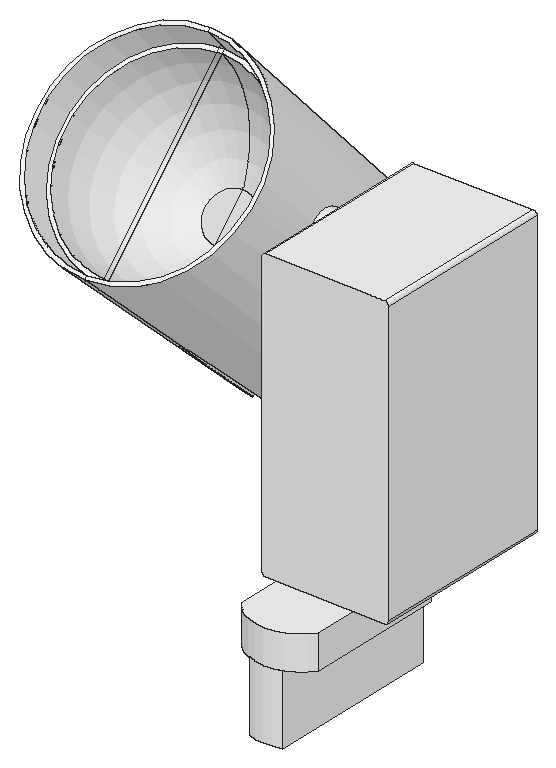
Revit family "0004933 Feilo Sylvania Lighting Fixture START TRACK SPOT S DALI 2141LM 940 MB WHT", category Lighting Fixtures, host Face, Revit 2017 (continued)
Definition of nested family "Start Track Spot Head"
  Types (96, lengths in mm): name | Wattage | built-in parameter 1150134 | Photometric Web File | Model | built-in parameter 1150105 | Lumens | built-in parameter 1150107 | built-in parameter 1150106 | HeadThickness_FEILO | HeadRibOffset_FEILO | HeadRibDepth_FEILO | HeadRibCutWidth_FEILO | HeadRibCutOffset_FEILO | HeadReflectorRadius_FEILO | HeadReflectorOffset_FEILO | HeadLEDRadius_FEILO | HeadHeight_FEILO | HeadDiffusorOffset_FEILO | HeadDiaOut_FEILO | HeadDiaIn_FEILO | HeadAxisFromTop_FEILO | Emit from Circle Diameter | built-in parameter 1150104 | Description | Apparent Load
    0004864 START TRACK SPOT S 24W 3K RA90 WB WHITE | 24 W | (empty or 0) | "0004864.ies" | "START TRACK SPOT S 24W 3K RA90 WB WHITE" | 152.79 (stored number, unit not read) | 1920 lm | 3000 (stored number, unit not read) | 1.5279 (stored number, unit not read) | 1.5 | 4.179 | 55.714 | 7.167 | 50.87 | 50.588 | 55.714 | 9.556 | 117 | 9.435 | 86 | 77.477 | 69.354 | 77.477 | 7.4322 (stored number, unit not read) | "Integrated LED spotlight, Textured White - RAL9016, compact and minimalist design, ideal for retail applications, die-cast aluminium body, passive cooling heatsink. Beam angle: 64°, color temperature: 3000K , total system power: 24W, total fixture output: 1928 lm, LOR: 100%, colour rendering: Ra: 90 typical, LED Chromaticity: 3 step MacAdam ellipse, lifetime: >50000 hours at L70B50, energy class: A++, A+, A, IR/UV free light source without heat radiation, operating voltage: 220-240V / 50-60Hz, drive current: 600mA, electronic driver, non-dimmable, power factor: 0.95, electrical protection: Class II, Global Track 3 Phase adapter suitable for Global trac 3-circuit tracks, ingress protection rating: IP20, suitable for internal environment only, horizontal rotation: 355°, vertical tilt: 90°, dimensions: Ø86x140x200, weight: 0.966kg." | 24 VA
    0004863 START TRACK SPOT S 24W 3K RA90 MB WHITE | 24 W | (empty or 0) | "0004863.ies" | "START TRACK SPOT S 24W 3K RA90 MB WHITE" | 154.7 (stored number, unit not read) | 1944 lm | 3000 (stored number, unit not read) | 1.547 (stored number, unit not read) | 1.5 | 4.179 | 55.714 | 7.167 | 50.87 | 50.588 | 55.714 | 9.556 | 117 | 9.435 | 86 | 77.477 | 69.354 | 77.477 | 7.5251 (stored number, unit not read) | "Integrated LED spotlight, Textured White - RAL9016, compact and minimalist design, ideal for retail applications, die-cast aluminium body, passive cooling heatsink. Beam angle: 36°, color temperature: 3000K , total system power: 24W, total fixture output: 1944 lm, LOR: 100%, colour rendering: Ra: 90 typical, LED Chromaticity: 3 step MacAdam ellipse, lifetime: >50000 hours at L70B50, energy class: A++, A+, A, IR/UV free light source without heat radiation, operating voltage: 220-240V / 50-60Hz, drive current: 600mA, electronic driver, non-dimmable, power factor: 0.95, electrical protection: Class II, Global Track 3 Phase adapter suitable for Global trac 3-circuit tracks, ingress protection rating: IP20, suitable for internal environment only, horizontal rotation: 355°, vertical tilt: 90°, dimensions: Ø86x140x200, weight: 0.966kg." | 24 VA
    0004862 START TRACK SPOT S 24W 3K RA90 NB WHITE | 24 W | (empty or 0) | "0004862.ies" | "START TRACK SPOT S 24W 3K RA90 NB WHITE" | 158.52 (stored number, unit not read) | 1992 lm | 3000 (stored number, unit not read) | 1.5852 (stored number, unit not read) | 1.5 | 4.179 | 55.714 | 7.167 | 50.87 | 50.588 | 55.714 | 9.556 | 117 | 9.435 | 86 | 77.477 | 69.354 | 77.477 | 7.711 (stored number, unit not read) | "Integrated LED spotlight, Textured White - RAL9016, compact and minimalist design, ideal for retail applications, die-cast aluminium body, passive cooling heatsink. Beam angle: 12°, color temperature: 3000K , total system power: 24W, total fixture output: 1987 lm, LOR: 100%, colour rendering: Ra: 90 typical, LED Chromaticity: 3 step MacAdam ellipse, lifetime: >50000 hours at L70B50, energy class: A++, A+, A, IR/UV free light source without heat radiation, operating voltage: 220-240V / 50-60Hz, drive current: 600mA, electronic driver, non-dimmable, power factor: 0.95, electrical protection: Class II, Global Track 3 Phase adapter suitable for Global trac 3-circuit tracks, ingress protection rating: IP20, suitable for internal environment only, horizontal rotation: 355°, vertical tilt: 90°, dimensions: Ø86x140x200, weight: 0.966kg." | 24 VA
    0004861 START TRACK SPOT S 14W 3K RA90 WB WHITE | 14 W | (empty or 0) | "0004861.ies" | "START TRACK SPOT S 14W 3K RA90 WB WHITE" | 100.27 (stored number, unit not read) | 1260 lm | 3000 (stored number, unit not read) | 1.0027 (stored number, unit not read) | 1.5 | 4.179 | 55.714 | 7.167 | 50.87 | 50.588 | 55.714 | 9.556 | 117 | 9.435 | 86 | 77.477 | 69.354 | 77.477 | 8.3613 (stored number, unit not read) | "Integrated LED spotlight, Textured White - RAL9016, compact and minimalist design, ideal for retail applications, die-cast aluminium body, passive cooling heatsink. Beam angle: 64°, color temperature: 3000K , total system power: 14W, total fixture output: 1262 lm, LOR: 100%, colour rendering: Ra: 90 typical, LED Chromaticity: 3 step MacAdam ellipse, lifetime: >50000 hours at L70B50, energy class: A++, A+, A, IR/UV free light source without heat radiation, operating voltage: 220-240V / 50-60Hz, drive current: 350mA, electronic driver, non-dimmable, power factor: 0.92, electrical protection: Class II, Global Track 3 Phase adapter suitable for Global trac 3-circuit tracks, ingress protection rating: IP20, suitable for internal environment only, horizontal rotation: 355°, vertical tilt: 90°, dimensions: Ø86x140x200, weight: 0.940kg." | 14 VA
    0004860 START TRACK SPOT S 14W 3K RA90 MB WHITE | 14 W | (empty or 0) | "0004860.ies" | "START TRACK SPOT S 14W 3K RA90 MB WHITE" | 100.27 (stored number, unit not read) | 1260 lm | 3000 (stored number, unit not read) | 1.0027 (stored number, unit not read) | 1.5 | 4.179 | 55.714 | 7.167 | 50.87 | 50.588 | 55.714 | 9.556 | 117 | 9.435 | 86 | 77.477 | 69.354 | 77.477 | 8.3613 (stored number, unit not read) | "Integrated LED spotlight, Textured White - RAL9016, compact and minimalist design, ideal for retail applications, die-cast aluminium body, passive cooling heatsink. Beam angle: 36°, color temperature: 3000K , total system power: 14W, total fixture output: 1262 lm, LOR: 100%, colour rendering: Ra: 90 typical, LED Chromaticity: 3 step MacAdam ellipse, lifetime: >50000 hours at L70B50, energy class: A++, A+, A, IR/UV free light source without heat radiation, operating voltage: 220-240V / 50-60Hz, drive current: 350mA, electronic driver, non-dimmable, power factor: 0.92, electrical protection: Class II, Global Track 3 Phase adapter suitable for Global trac 3-circuit tracks, ingress protection rating: IP20, suitable for internal environment only, horizontal rotation: 355°, vertical tilt: 90°, dimensions: Ø86x140x200, weight: 0.940kg." | 14 VA
    0004859 START TRACK SPOT S 14W 3K RA90 NB WHITE | 14 W | (empty or 0) | "0004859.ies" | "START TRACK SPOT S 14W 3K RA90 NB WHITE" | 102.5 (stored number, unit not read) | 1288 lm | 3000 (stored number, unit not read) | 1.025 (stored number, unit not read) | 1.5 | 4.179 | 55.714 | 7.167 | 50.87 | 50.588 | 55.714 | 9.556 | 117 | 9.435 | 86 | 77.477 | 69.354 | 77.477 | 8.5471 (stored number, unit not read) | "Integrated LED spotlight, Textured White - RAL9016, compact and minimalist design, ideal for retail applications, die-cast aluminium body, passive cooling heatsink. Beam angle: 12°, color temperature: 3000K , total system power: 14W, total fixture output: 1284 lm, LOR: 100%, colour rendering: Ra: 90 typical, LED Chromaticity: 3 step MacAdam ellipse, lifetime: >50000 hours at L70B50, energy class: A++, A+, A, IR/UV free light source without heat radiation, operating voltage: 220-240V / 50-60Hz, drive current: 350mA, electronic driver, non-dimmable, power factor: 0.92, electrical protection: Class II, Global Track 3 Phase adapter suitable for Global trac 3-circuit tracks, ingress protection rating: IP20, suitable for internal environment only, horizontal rotation: 355°, vertical tilt: 90°, dimensions: Ø86x140x200, weight: 0.940kg." | 14 VA
    0004858 START TRACK SPOT L 55W 4K RA80 WB BLACK | 55 W | 12 | "0004858.ies" | "START TRACK SPOT L 55W 4K RA80 WB BLACK" | 424.55 (stored number, unit not read) | 5335 lm | 4000 (stored number, unit not read) | 4.2455 (stored number, unit not read) | 2 | 4.429 | 59.048 | 9.417 | 53.913 | 66.471 | 59.048 | 12.556 | 124 | 10 | 113 | 101.802 | 73.503 | 101.802 | 9.0116 (stored number, unit not read) | "Integrated LED spotlight, Textured Black - RAL9005, compact and minimalist design, ideal for retail applications, die-cast aluminium body, passive cooling heatsink. Beam angle: 52°, color temperature: 4000K , total system power: 55W, total fixture output: 5320 lm, LOR: 100%, colour rendering: Ra: 80 typical, LED Chromaticity: 3 step MacAdam ellipse, lifetime: >50000 hours at L70B50, energy class: A++, A+, A, IR/UV free light source without heat radiation, operating voltage: 220-240V / 50-60Hz, drive current: 1400mA, electronic driver, non-dimmable, power factor: 0.96, electrical protection: Class II, Global Track 3 Phase adapter suitable for Global trac 3-circuit tracks, ingress protection rating: IP20, suitable for internal environment only, horizontal rotation: 355°, vertical tilt: 90°, dimensions: Ø113x164x240, weight: 1.398kg." | 55 VA
    0004857 START TRACK SPOT L 55W 4K RA80 MB BLACK | 55 W | 12 | "0004857.ies" | "START TRACK SPOT L 55W 4K RA80 MB BLACK" | 428.92 (stored number, unit not read) | 5390 lm | 4000 (stored number, unit not read) | 4.2892 (stored number, unit not read) | 2 | 4.429 | 59.048 | 9.417 | 53.913 | 66.471 | 59.048 | 12.556 | 124 | 10 | 113 | 101.802 | 73.503 | 101.802 | 9.1045 (stored number, unit not read) | "Integrated LED spotlight, Textured Black - RAL9005, compact and minimalist design, ideal for retail applications, die-cast aluminium body, passive cooling heatsink. Beam angle: 38°, color temperature: 4000K , total system power: 55W, total fixture output: 5378 lm, LOR: 100%, colour rendering: Ra: 80 typical, LED Chromaticity: 3 step MacAdam ellipse, lifetime: >50000 hours at L70B50, energy class: A++, A+, A, IR/UV free light source without heat radiation, operating voltage: 220-240V / 50-60Hz, drive current: 1400mA, electronic driver, non-dimmable, power factor: 0.96, electrical protection: Class II, Global Track 3 Phase adapter suitable for Global trac 3-circuit tracks, ingress protection rating: IP20, suitable for internal environment only, horizontal rotation: 355°, vertical tilt: 90°, dimensions: Ø113x164x240, weight: 1.398kg." | 55 VA
    0004856 START TRACK SPOT L 55W 4K RA80 NB BLACK | 55 W | 12 | "0004856.ies" | "START TRACK SPOT L 55W 4K RA80 NB BLACK" | 433.3 (stored number, unit not read) | 5445 lm | 4000 (stored number, unit not read) | 4.333 (stored number, unit not read) | 2 | 4.429 | 59.048 | 9.417 | 53.913 | 66.471 | 59.048 | 12.556 | 124 | 10 | 113 | 101.802 | 73.503 | 101.802 | 9.1974 (stored number, unit not read) | "Integrated LED spotlight, Textured Black - RAL9005, compact and minimalist design, ideal for retail applications, die-cast aluminium body, passive cooling heatsink. Beam angle: 15°, color temperature: 4000K , total system power: 55W, total fixture output: 5426 lm, LOR: 100%, colour rendering: Ra: 80 typical, LED Chromaticity: 3 step MacAdam ellipse, lifetime: >50000 hours at L70B50, energy class: A++, A+, A, IR/UV free light source without heat radiation, operating voltage: 220-240V / 50-60Hz, drive current: 1400mA, electronic driver, non-dimmable, power factor: 0.96, electrical protection: Class II, Global Track 3 Phase adapter suitable for Global trac 3-circuit tracks, ingress protection rating: IP20, suitable for internal environment only, horizontal rotation: 355°, vertical tilt: 90°, dimensions: Ø113x164x240, weight: 1.398kg." | 55 VA
    0004855 START TRACK SPOT L 35W 4K RA80 WB BLACK | 35 W | 12 | "0004855.ies" | "START TRACK SPOT L 35W 4K RA80 WB BLACK" | 320.3 (stored number, unit not read) | 4025 lm | 4000 (stored number, unit not read) | 3.203 (stored number, unit not read) | 2 | 4.429 | 59.048 | 9.417 | 53.913 | 66.471 | 59.048 | 12.556 | 124 | 10 | 113 | 101.802 | 73.503 | 101.802 | 10.684 (stored number, unit not read) | "Integrated LED spotlight, Textured Black - RAL9005, compact and minimalist design, ideal for retail applications, die-cast aluminium body, passive cooling heatsink. Beam angle: 52°, color temperature: 4000K , total system power: 35W, total fixture output: 4010 lm, LOR: 100%, colour rendering: Ra: 80 typical, LED Chromaticity: 3 step MacAdam ellipse, lifetime: >50000 hours at L70B50, energy class: A++, A+, A, IR/UV free light source without heat radiation, operating voltage: 220-240V / 50-60Hz, drive current: 900mA, electronic driver, non-dimmable, power factor: 0.93, electrical protection: Class II, Global Track 3 Phase adapter suitable for Global trac 3-circuit tracks, ingress protection rating: IP20, suitable for internal environment only, horizontal rotation: 355°, vertical tilt: 90°, dimensions: Ø113x164x240, weight: 1.368kg." | 35 VA
    0004854 START TRACK SPOT L 35W 4K RA80 MB BLACK | 35 W | 12 | "0004854.ies" | "START TRACK SPOT L 35W 4K RA80 MB BLACK" | 320.3 (stored number, unit not read) | 4025 lm | 4000 (stored number, unit not read) | 3.203 (stored number, unit not read) | 2 | 4.429 | 59.048 | 9.417 | 53.913 | 66.471 | 59.048 | 12.556 | 124 | 10 | 113 | 101.802 | 73.503 | 101.802 | 10.684 (stored number, unit not read) | "Integrated LED spotlight, Textured Black - RAL9005, compact and minimalist design, ideal for retail applications, die-cast aluminium body, passive cooling heatsink. Beam angle: 38°, color temperature: 4000K , total system power: 35W, total fixture output: 4017 lm, LOR: 100%, colour rendering: Ra: 80 typical, LED Chromaticity: 3 step MacAdam ellipse, lifetime: >50000 hours at L70B50, energy class: A++, A+, A, IR/UV free light source without heat radiation, operating voltage: 220-240V / 50-60Hz, drive current: 900mA, electronic driver, non-dimmable, power factor: 0.93, electrical protection: Class II, Global Track 3 Phase adapter suitable for Global trac 3-circuit tracks, ingress protection rating: IP20, suitable for internal environment only, horizontal rotation: 355°, vertical tilt: 90°, dimensions: Ø113x164x240, weight: 1.368kg." | 35 VA
    0004853 START TRACK SPOT L 35W 4K RA80 NB BLACK | 35 W | 12 | "0004853.ies" | "START TRACK SPOT L 35W 4K RA80 NB BLACK" | 331.44 (stored number, unit not read) | 4165 lm | 4000 (stored number, unit not read) | 3.3144 (stored number, unit not read) | 2 | 4.429 | 59.048 | 9.417 | 53.913 | 66.471 | 59.048 | 12.556 | 124 | 10 | 113 | 101.802 | 73.503 | 101.802 | 11.055 (stored number, unit not read) | "Integrated LED spotlight, Textured Black - RAL9005, compact and minimalist design, ideal for retail applications, die-cast aluminium body, passive cooling heatsink. Beam angle: 15°, color temperature: 4000K , total system power: 35W, total fixture output: 4174 lm, LOR: 100%, colour rendering: Ra: 80 typical, LED Chromaticity: 3 step MacAdam ellipse, lifetime: >50000 hours at L70B50, energy class: A++, A+, A, IR/UV free light source without heat radiation, operating voltage: 220-240V / 50-60Hz, drive current: 900mA, electronic driver, non-dimmable, power factor: 0.93, electrical protection: Class II, Global Track 3 Phase adapter suitable for Global trac 3-circuit tracks, ingress protection rating: IP20, suitable for internal environment only, horizontal rotation: 355°, vertical tilt: 90°, dimensions: Ø113x164x240, weight: 1.368kg." | 35 VA
    0004852 START TRACK SPOT S 24W 4K RA80 WB BLACK | 24 W | 12 | "0004852.ies" | "START TRACK SPOT S 24W 4K RA80 WB BLACK" | 196.72 (stored number, unit not read) | 2472 lm | 4000 (stored number, unit not read) | 1.9672 (stored number, unit not read) | 1.5 | 4.179 | 55.714 | 7.167 | 50.87 | 50.588 | 55.714 | 9.556 | 117 | 9.435 | 86 | 77.477 | 69.354 | 77.477 | 9.569 (stored number, unit not read) | "Integrated LED spotlight, Textured Black - RAL9005, compact and minimalist design, ideal for retail applications, die-cast aluminium body, passive cooling heatsink. Beam angle: 64°, color temperature: 4000K , total system power: 24W, total fixture output: 2476 lm, LOR: 100%, colour rendering: Ra: 80 typical, LED Chromaticity: 3 step MacAdam ellipse, lifetime: >50000 hours at L70B50, energy class: A++, A+, A, IR/UV free light source without heat radiation, operating voltage: 220-240V / 50-60Hz, drive current: 600mA, electronic driver, non-dimmable, power factor: 0.95, electrical protection: Class II, Global Track 3 Phase adapter suitable for Global trac 3-circuit tracks, ingress protection rating: IP20, suitable for internal environment only, horizontal rotation: 355°, vertical tilt: 90°, dimensions: Ø86x140x200, weight: 0.966kg." | 24 VA
    0004851 START TRACK SPOT S 24W 4K RA80 MB BLACK | 24 W | 12 | "0004851.ies" | "START TRACK SPOT S 24W 4K RA80 MB BLACK" | 198.63 (stored number, unit not read) | 2496 lm | 4000 (stored number, unit not read) | 1.9863 (stored number, unit not read) | 1.5 | 4.179 | 55.714 | 7.167 | 50.87 | 50.588 | 55.714 | 9.556 | 117 | 9.435 | 86 | 77.477 | 69.354 | 77.477 | 9.6619 (stored number, unit not read) | "Integrated LED spotlight, Textured Black - RAL9005, compact and minimalist design, ideal for retail applications, die-cast aluminium body, passive cooling heatsink. Beam angle: 36°, color temperature: 4000K , total system power: 24W, total fixture output: 2487 lm, LOR: 100%, colour rendering: Ra: 80 typical, LED Chromaticity: 3 step MacAdam ellipse, lifetime: >50000 hours at L70B50, energy class: A++, A+, A, IR/UV free light source without heat radiation, operating voltage: 220-240V / 50-60Hz, drive current: 600mA, electronic driver, non-dimmable, power factor: 0.95, electrical protection: Class II, Global Track 3 Phase adapter suitable for Global trac 3-circuit tracks, ingress protection rating: IP20, suitable for internal environment only, horizontal rotation: 355°, vertical tilt: 90°, dimensions: Ø86x140x200, weight: 0.966kg." | 24 VA
    0004850 START TRACK SPOT S 24W 4K RA80 NB BLACK | 24 W | 12 | "0004850.ies" | "START TRACK SPOT S 24W 4K RA80 NB BLACK" | 200.54 (stored number, unit not read) | 2520 lm | 4000 (stored number, unit not read) | 2.0054 (stored number, unit not read) | 1.5 | 4.179 | 55.714 | 7.167 | 50.87 | 50.588 | 55.714 | 9.556 | 117 | 9.435 | 86 | 77.477 | 69.354 | 77.477 | 9.7548 (stored number, unit not read) | "Integrated LED spotlight, Textured Black - RAL9005, compact and minimalist design, ideal for retail applications, die-cast aluminium body, passive cooling heatsink. Beam angle: 12°, color temperature: 4000K , total system power: 24W, total fixture output: 2529 lm, LOR: 100%, colour rendering: Ra: 80 typical, LED Chromaticity: 3 step MacAdam ellipse, lifetime: >50000 hours at L70B50, energy class: A++, A+, A, IR/UV free light source without heat radiation, operating voltage: 220-240V / 50-60Hz, drive current: 600mA, electronic driver, non-dimmable, power factor: 0.95, electrical protection: Class II, Global Track 3 Phase adapter suitable for Global trac 3-circuit tracks, ingress protection rating: IP20, suitable for internal environment only, horizontal rotation: 355°, vertical tilt: 90°, dimensions: Ø86x140x200, weight: 0.966kg." | 24 VA
    0004849 START TRACK SPOT S 14W 4K RA80 WB BLACK | 14 W | 12 | "0004849.ies" | "START TRACK SPOT S 14W 4K RA80 WB BLACK" | 123.66 (stored number, unit not read) | 1554 lm | 4000 (stored number, unit not read) | 1.2366 (stored number, unit not read) | 1.5 | 4.179 | 55.714 | 7.167 | 50.87 | 50.588 | 55.714 | 9.556 | 117 | 9.435 | 86 | 77.477 | 69.354 | 77.477 | 10.312 (stored number, unit not read) | "Integrated LED spotlight, Textured Black - RAL9005, compact and minimalist design, ideal for retail applications, die-cast aluminium body, passive cooling heatsink. Beam angle: 64°, color temperature: 4000K , total system power: 14W, total fixture output: 1558 lm, LOR: 100%, colour rendering: Ra: 80 typical, LED Chromaticity: 3 step MacAdam ellipse, lifetime: >50000 hours at L70B50, energy class: A++, A+, A, IR/UV free light source without heat radiation, operating voltage: 220-240V / 50-60Hz, drive current: 350mA, electronic driver, non-dimmable, power factor: 0.92, electrical protection: Class II, Global Track 3 Phase adapter suitable for Global trac 3-circuit tracks, ingress protection rating: IP20, suitable for internal environment only, horizontal rotation: 355°, vertical tilt: 90°, dimensions: Ø86x140x200, weight: 0.940kg." | 14 VA
    0004848 START TRACK SPOT S 14W 4K RA80 MB BLACK | 14 W | 12 | "0004848.ies" | "START TRACK SPOT S 14W 4K RA80 MB BLACK" | 127.01 (stored number, unit not read) | 1596 lm | 4000 (stored number, unit not read) | 1.2701 (stored number, unit not read) | 1.5 | 4.179 | 55.714 | 7.167 | 50.87 | 50.588 | 55.714 | 9.556 | 117 | 9.435 | 86 | 77.477 | 69.354 | 77.477 | 10.591 (stored number, unit not read) | "Integrated LED spotlight, Textured Black - RAL9005, compact and minimalist design, ideal for retail applications, die-cast aluminium body, passive cooling heatsink. Beam angle: 36°, color temperature: 4000K , total system power: 14W, total fixture output: 1598 lm, LOR: 100%, colour rendering: Ra: 80 typical, LED Chromaticity: 3 step MacAdam ellipse, lifetime: >50000 hours at L70B50, energy class: A++, A+, A, IR/UV free light source without heat radiation, operating voltage: 220-240V / 50-60Hz, drive current: 350mA, electronic driver, non-dimmable, power factor: 0.92, electrical protection: Class II, Global Track 3 Phase adapter suitable for Global trac 3-circuit tracks, ingress protection rating: IP20, suitable for internal environment only, horizontal rotation: 355°, vertical tilt: 90°, dimensions: Ø86x140x200, weight: 0.940kg." | 14 VA
    0004847 START TRACK SPOT S 14W 4K RA80 NB BLACK | 14 W | 12 | "0004847.ies" | "START TRACK SPOT S 14W 4K RA80 NB BLACK" | 128.12 (stored number, unit not read) | 1610 lm | 4000 (stored number, unit not read) | 1.2812 (stored number, unit not read) | 1.5 | 4.179 | 55.714 | 7.167 | 50.87 | 50.588 | 55.714 | 9.556 | 117 | 9.435 | 86 | 77.477 | 69.354 | 77.477 | 10.684 (stored number, unit not read) | "Integrated LED spotlight, Textured Black - RAL9005, compact and minimalist design, ideal for retail applications, die-cast aluminium body, passive cooling heatsink. Beam angle: 12°, color temperature: 4000K , total system power: 14W, total fixture output: 1608 lm, LOR: 100%, colour rendering: Ra: 80 typical, LED Chromaticity: 3 step MacAdam ellipse, lifetime: >50000 hours at L70B50, energy class: A++, A+, A, IR/UV free light source without heat radiation, operating voltage: 220-240V / 50-60Hz, drive current: 350mA, electronic driver, non-dimmable, power factor: 0.92, electrical protection: Class II, Global Track 3 Phase adapter suitable for Global trac 3-circuit tracks, ingress protection rating: IP20, suitable for internal environment only, horizontal rotation: 355°, vertical tilt: 90°, dimensions: Ø86x140x200, weight: 0.940kg." | 14 VA
    0004846 START TRACK SPOT L 55W 3K RA80 WB BLACK | 55 W | (empty or 0) | "0004846.ies" | "START TRACK SPOT L 55W 3K RA80 WB BLACK" | 420.17 (stored number, unit not read) | 5280 lm | 3000 (stored number, unit not read) | 4.2017 (stored number, unit not read) | 2 | 4.429 | 59.048 | 9.417 | 53.913 | 66.471 | 59.048 | 12.556 | 124 | 10 | 113 | 101.802 | 73.503 | 101.802 | 8.9187 (stored number, unit not read) | "Integrated LED spotlight, Textured Black - RAL9005, compact and minimalist design, ideal for retail applications, die-cast aluminium body, passive cooling heatsink. Beam angle: 52°, color temperature: 3000K , total system power: 55W, total fixture output: 5298 lm, LOR: 100%, colour rendering: Ra: 80 typical, LED Chromaticity: 3 step MacAdam ellipse, lifetime: >50000 hours at L70B50, energy class: A++, A+, A, IR/UV free light source without heat radiation, operating voltage: 220-240V / 50-60Hz, drive current: 1400mA, electronic driver, non-dimmable, power factor: 0.96, electrical protection: Class II, Global Track 3 Phase adapter suitable for Global trac 3-circuit tracks, ingress protection rating: IP20, suitable for internal environment only, horizontal rotation: 355°, vertical tilt: 90°, dimensions: Ø113x164x240, weight: 1.398kg." | 55 VA
    0004845 START TRACK SPOT L 55W 3K RA80 MB BLACK | 55 W | (empty or 0) | "0004845.ies" | "START TRACK SPOT L 55W 3K RA80 MB BLACK" | 428.92 (stored number, unit not read) | 5390 lm | 3000 (stored number, unit not read) | 4.2892 (stored number, unit not read) | 2 | 4.429 | 59.048 | 9.417 | 53.913 | 66.471 | 59.048 | 12.556 | 124 | 10 | 113 | 101.802 | 73.503 | 101.802 | 9.1045 (stored number, unit not read) | "Integrated LED spotlight, Textured Black - RAL9005, compact and minimalist design, ideal for retail applications, die-cast aluminium body, passive cooling heatsink. Beam angle: 38°, color temperature: 3000K , total system power: 55W, total fixture output: 5381 lm, LOR: 100%, colour rendering: Ra: 80 typical, LED Chromaticity: 3 step MacAdam ellipse, lifetime: >50000 hours at L70B50, energy class: A++, A+, A, IR/UV free light source without heat radiation, operating voltage: 220-240V / 50-60Hz, drive current: 1400mA, electronic driver, non-dimmable, power factor: 0.96, electrical protection: Class II, Global Track 3 Phase adapter suitable for Global trac 3-circuit tracks, ingress protection rating: IP20, suitable for internal environment only, horizontal rotation: 355°, vertical tilt: 90°, dimensions: Ø113x164x240, weight: 1.398kg." | 55 VA
    0004844 START TRACK SPOT L 55W 3K RA80 NB BLACK | 55 W | (empty or 0) | "0004844.ies" | "START TRACK SPOT L 55W 3K RA80 NB BLACK" | 433.3 (stored number, unit not read) | 5445 lm | 3000 (stored number, unit not read) | 4.333 (stored number, unit not read) | 2 | 4.429 | 59.048 | 9.417 | 53.913 | 66.471 | 59.048 | 12.556 | 124 | 10 | 113 | 101.802 | 73.503 | 101.802 | 9.1974 (stored number, unit not read) | "Integrated LED spotlight, Textured Black - RAL9005, compact and minimalist design, ideal for retail applications, die-cast aluminium body, passive cooling heatsink. Beam angle: 15°, color temperature: 3000K , total system power: 55W, total fixture output: 5449 lm, LOR: 100%, colour rendering: Ra: 80 typical, LED Chromaticity: 3 step MacAdam ellipse, lifetime: >50000 hours at L70B50, energy class: A++, A+, A, IR/UV free light source without heat radiation, operating voltage: 220-240V / 50-60Hz, drive current: 1400mA, electronic driver, non-dimmable, power factor: 0.96, electrical protection: Class II, Global Track 3 Phase adapter suitable for Global trac 3-circuit tracks, ingress protection rating: IP20, suitable for internal environment only, horizontal rotation: 355°, vertical tilt: 90°, dimensions: Ø113x164x240, weight: 1.398kg." | 55 VA
    0004843 START TRACK SPOT L 35W 3K RA80 WB BLACK | 35 W | (empty or 0) | "0004843.ies" | "START TRACK SPOT L 35W 3K RA80 WB BLACK" | 314.73 (stored number, unit not read) | 3955 lm | 3000 (stored number, unit not read) | 3.1473 (stored number, unit not read) | 2 | 4.429 | 59.048 | 9.417 | 53.913 | 66.471 | 59.048 | 12.556 | 124 | 10 | 113 | 101.802 | 73.503 | 101.802 | 10.498 (stored number, unit not read) | "Integrated LED spotlight, Textured Black - RAL9005, compact and minimalist design, ideal for retail applications, die-cast aluminium body, passive cooling heatsink. Beam angle: 52°, color temperature: 3000K , total system power: 35W, total fixture output: 3943 lm, LOR: 100%, colour rendering: Ra: 80 typical, LED Chromaticity: 3 step MacAdam ellipse, lifetime: >50000 hours at L70B50, energy class: A++, A+, A, IR/UV free light source without heat radiation, operating voltage: 220-240V / 50-60Hz, drive current: 900mA, electronic driver, non-dimmable, power factor: 0.93, electrical protection: Class II, Global Track 3 Phase adapter suitable for Global trac 3-circuit tracks, ingress protection rating: IP20, suitable for internal environment only, horizontal rotation: 355°, vertical tilt: 90°, dimensions: Ø113x164x240, weight: 1.368kg." | 35 VA
    0004842 START TRACK SPOT L 35W 3K RA80 MB BLACK | 35 W | (empty or 0) | "0004842.ies" | "START TRACK SPOT L 35W 3K RA80 MB BLACK" | 320.3 (stored number, unit not read) | 4025 lm | 3000 (stored number, unit not read) | 3.203 (stored number, unit not read) | 2 | 4.429 | 59.048 | 9.417 | 53.913 | 66.471 | 59.048 | 12.556 | 124 | 10 | 113 | 101.802 | 73.503 | 101.802 | 10.684 (stored number, unit not read) | "Integrated LED spotlight, Textured Black - RAL9005, compact and minimalist design, ideal for retail applications, die-cast aluminium body, passive cooling heatsink. Beam angle: 38°, color temperature: 3000K , total system power: 35W, total fixture output: 4008 lm, LOR: 100%, colour rendering: Ra: 80 typical, LED Chromaticity: 3 step MacAdam ellipse, lifetime: >50000 hours at L70B50, energy class: A++, A+, A, IR/UV free light source without heat radiation, operating voltage: 220-240V / 50-60Hz, drive current: 900mA, electronic driver, non-dimmable, power factor: 0.93, electrical protection: Class II, Global Track 3 Phase adapter suitable for Global trac 3-circuit tracks, ingress protection rating: IP20, suitable for internal environment only, horizontal rotation: 355°, vertical tilt: 90°, dimensions: Ø113x164x240, weight: 1.368kg." | 35 VA
    0004841 START TRACK SPOT L 35W 3K RA80 NB BLACK | 35 W | (empty or 0) | "0004841.ies" | "START TRACK SPOT L 35W 3K RA80 NB BLACK" | 317.51 (stored number, unit not read) | 3990 lm | 3000 (stored number, unit not read) | 3.1751 (stored number, unit not read) | 2 | 4.429 | 59.048 | 9.417 | 53.913 | 66.471 | 59.048 | 12.556 | 124 | 10 | 113 | 101.802 | 73.503 | 101.802 | 10.591 (stored number, unit not read) | "Integrated LED spotlight, Textured Black - RAL9005, compact and minimalist design, ideal for retail applications, die-cast aluminium body, passive cooling heatsink. Beam angle: 15°, color temperature: 3000K , total system power: 35W, total fixture output: 4005 lm, LOR: 100%, colour rendering: Ra: 80 typical, LED Chromaticity: 3 step MacAdam ellipse, lifetime: >50000 hours at L70B50, energy class: A++, A+, A, IR/UV free light source without heat radiation, operating voltage: 220-240V / 50-60Hz, drive current: 900mA, electronic driver, non-dimmable, power factor: 0.93, electrical protection: Class II, Global Track 3 Phase adapter suitable for Global trac 3-circuit tracks, ingress protection rating: IP20, suitable for internal environment only, horizontal rotation: 355°, vertical tilt: 90°, dimensions: Ø113x164x240, weight: 1.368kg." | 35 VA
    0004840 START TRACK SPOT S 24W 3K RA80 WB BLACK | 24 W | (empty or 0) | "0004840.ies" | "START TRACK SPOT S 24W 3K RA80 WB BLACK" | 185.26 (stored number, unit not read) | 2328 lm | 3000 (stored number, unit not read) | 1.8526 (stored number, unit not read) | 1.5 | 4.179 | 55.714 | 7.167 | 50.87 | 50.588 | 55.714 | 9.556 | 117 | 9.435 | 86 | 77.477 | 69.354 | 77.477 | 9.0116 (stored number, unit not read) | "Integrated LED spotlight, Textured Black - RAL9005, compact and minimalist design, ideal for retail applications, die-cast aluminium body, passive cooling heatsink. Beam angle: 64°, color temperature: 3000K , total system power: 24W, total fixture output: 2318 lm, LOR: 100%, colour rendering: Ra: 80 typical, LED Chromaticity: 3 step MacAdam ellipse, lifetime: >50000 hours at L70B50, energy class: A++, A+, A, IR/UV free light source without heat radiation, operating voltage: 220-240V / 50-60Hz, drive current: 600mA, electronic driver, non-dimmable, power factor: 0.95, electrical protection: Class II, Global Track 3 Phase adapter suitable for Global trac 3-circuit tracks, ingress protection rating: IP20, suitable for internal environment only, horizontal rotation: 355°, vertical tilt: 90°, dimensions: Ø86x140x200, weight: 0.966kg." | 24 VA
    0004839 START TRACK SPOT S 24W 3K RA80 MB BLACK | 24 W | (empty or 0) | "0004839.ies" | "START TRACK SPOT S 24W 3K RA80 MB BLACK" | 183.35 (stored number, unit not read) | 2304 lm | 3000 (stored number, unit not read) | 1.8335 (stored number, unit not read) | 1.5 | 4.179 | 55.714 | 7.167 | 50.87 | 50.588 | 55.714 | 9.556 | 117 | 9.435 | 86 | 77.477 | 69.354 | 77.477 | 8.9187 (stored number, unit not read) | "Integrated LED spotlight, Textured Black - RAL9005, compact and minimalist design, ideal for retail applications, die-cast aluminium body, passive cooling heatsink. Beam angle: 36°, color temperature: 3000K , total system power: 24W, total fixture output: 2314 lm, LOR: 100%, colour rendering: Ra: 80 typical, LED Chromaticity: 3 step MacAdam ellipse, lifetime: >50000 hours at L70B50, energy class: A++, A+, A, IR/UV free light source without heat radiation, operating voltage: 220-240V / 50-60Hz, drive current: 600mA, electronic driver, non-dimmable, power factor: 0.95, electrical protection: Class II, Global Track 3 Phase adapter suitable for Global trac 3-circuit tracks, ingress protection rating: IP20, suitable for internal environment only, horizontal rotation: 355°, vertical tilt: 90°, dimensions: Ø86x140x200, weight: 0.966kg." | 24 VA
    0004838 START TRACK SPOT S 24W 3K RA80 NB BLACK | 24 W | (empty or 0) | "0004838.ies" | "START TRACK SPOT S 24W 3K RA80 NB BLACK" | 185.26 (stored number, unit not read) | 2328 lm | 3000 (stored number, unit not read) | 1.8526 (stored number, unit not read) | 1.5 | 4.179 | 55.714 | 7.167 | 50.87 | 50.588 | 55.714 | 9.556 | 117 | 9.435 | 86 | 77.477 | 69.354 | 77.477 | 9.0116 (stored number, unit not read) | "Integrated LED spotlight, Textured Black - RAL9005, compact and minimalist design, ideal for retail applications, die-cast aluminium body, passive cooling heatsink. Beam angle: 12°, color temperature: 3000K , total system power: 24W, total fixture output: 2334 lm, LOR: 100%, colour rendering: Ra: 80 typical, LED Chromaticity: 3 step MacAdam ellipse, lifetime: >50000 hours at L70B50, energy class: A++, A+, A, IR/UV free light source without heat radiation, operating voltage: 220-240V / 50-60Hz, drive current: 600mA, electronic driver, non-dimmable, power factor: 0.95, electrical protection: Class II, Global Track 3 Phase adapter suitable for Global trac 3-circuit tracks, ingress protection rating: IP20, suitable for internal environment only, horizontal rotation: 355°, vertical tilt: 90°, dimensions: Ø86x140x200, weight: 0.966kg." | 24 VA
    0004837 START TRACK SPOT S 14W 3K RA80 WB BLACK | 14 W | (empty or 0) | "0004837.ies" | "START TRACK SPOT S 14W 3K RA80 WB BLACK" | 119.21 (stored number, unit not read) | 1498 lm | 3000 (stored number, unit not read) | 1.1921 (stored number, unit not read) | 1.5 | 4.179 | 55.714 | 7.167 | 50.87 | 50.588 | 55.714 | 9.556 | 117 | 9.435 | 86 | 77.477 | 69.354 | 77.477 | 9.9406 (stored number, unit not read) | "Integrated LED spotlight, Textured Black - RAL9005, compact and minimalist design, ideal for retail applications, die-cast aluminium body, passive cooling heatsink. Beam angle: 64°, color temperature: 3000K , total system power: 14W, total fixture output: 1498 lm, LOR: 100%, colour rendering: Ra: 80 typical, LED Chromaticity: 3 step MacAdam ellipse, lifetime: >50000 hours at L70B50, energy class: A++, A+, A, IR/UV free light source without heat radiation, operating voltage: 220-240V / 50-60Hz, drive current: 350mA, electronic driver, non-dimmable, power factor: 0.92, electrical protection: Class II, Global Track 3 Phase adapter suitable for Global trac 3-circuit tracks, ingress protection rating: IP20, suitable for internal environment only, horizontal rotation: 355°, vertical tilt: 90°, dimensions: Ø86x140x200, weight: 0.940kg." | 14 VA
    0004836 START TRACK SPOT S 14W 3K RA80 MB BLACK | 14 W | (empty or 0) | "0004836.ies" | "START TRACK SPOT S 14W 3K RA80 MB BLACK" | 120.32 (stored number, unit not read) | 1512 lm | 3000 (stored number, unit not read) | 1.2032 (stored number, unit not read) | 1.5 | 4.179 | 55.714 | 7.167 | 50.87 | 50.588 | 55.714 | 9.556 | 117 | 9.435 | 86 | 77.477 | 69.354 | 77.477 | 10.034 (stored number, unit not read) | "Integrated LED spotlight, Textured Black - RAL9005, compact and minimalist design, ideal for retail applications, die-cast aluminium body, passive cooling heatsink. Beam angle: 36°, color temperature: 3000K , total system power: 14W, total fixture output: 1508 lm, LOR: 100%, colour rendering: Ra: 80 typical, LED Chromaticity: 3 step MacAdam ellipse, lifetime: >50000 hours at L70B50, energy class: A++, A+, A, IR/UV free light source without heat radiation, operating voltage: 220-240V / 50-60Hz, drive current: 350mA, electronic driver, non-dimmable, power factor: 0.92, electrical protection: Class II, Global Track 3 Phase adapter suitable for Global trac 3-circuit tracks, ingress protection rating: IP20, suitable for internal environment only, horizontal rotation: 355°, vertical tilt: 90°, dimensions: Ø86x140x200, weight: 0.940kg." | 14 VA
    0004835 START TRACK SPOT S 14W 3K RA80 NB BLACK | 14 W | (empty or 0) | "0004835.ies" | "START TRACK SPOT S 14W 3K RA80 NB BLACK" | 123.66 (stored number, unit not read) | 1554 lm | 3000 (stored number, unit not read) | 1.2366 (stored number, unit not read) | 1.5 | 4.179 | 55.714 | 7.167 | 50.87 | 50.588 | 55.714 | 9.556 | 117 | 9.435 | 86 | 77.477 | 69.354 | 77.477 | 10.312 (stored number, unit not read) | "Integrated LED spotlight, Textured Black - RAL9005, compact and minimalist design, ideal for retail applications, die-cast aluminium body, passive cooling heatsink. Beam angle: 12°, color temperature: 3000K , total system power: 14W, total fixture output: 1551 lm, LOR: 100%, colour rendering: Ra: 80 typical, LED Chromaticity: 3 step MacAdam ellipse, lifetime: >50000 hours at L70B50, energy class: A++, A+, A, IR/UV free light source without heat radiation, operating voltage: 220-240V / 50-60Hz, drive current: 350mA, electronic driver, non-dimmable, power factor: 0.92, electrical protection: Class II, Global Track 3 Phase adapter suitable for Global trac 3-circuit tracks, ingress protection rating: IP20, suitable for internal environment only, horizontal rotation: 355°, vertical tilt: 90°, dimensions: Ø86x140x200, weight: 0.940kg." | 14 VA
    0004834 START TRACK SPOT L 55W 4K RA80 WB WHITE | 55 W | 12 | "0004834.ies" | "START TRACK SPOT L 55W 4K RA80 WB WHITE" | 424.55 (stored number, unit not read) | 5335 lm | 4000 (stored number, unit not read) | 4.2455 (stored number, unit not read) | 2 | 4.429 | 59.048 | 9.417 | 53.913 | 66.471 | 59.048 | 12.556 | 124 | 10 | 113 | 101.802 | 73.503 | 101.802 | 9.0116 (stored number, unit not read) | "Integrated LED spotlight, Textured White - RAL9016, compact and minimalist design, ideal for retail applications, die-cast aluminium body, passive cooling heatsink. Beam angle: 52°, color temperature: 4000K , total system power: 55W, total fixture output: 5320 lm, LOR: 100%, colour rendering: Ra: 80 typical, LED Chromaticity: 3 step MacAdam ellipse, lifetime: >50000 hours at L70B50, energy class: A++, A+, A, IR/UV free light source without heat radiation, operating voltage: 220-240V / 50-60Hz, drive current: 1400mA, electronic driver, non-dimmable, power factor: 0.96, electrical protection: Class II, Global Track 3 Phase adapter suitable for Global trac 3-circuit tracks, ingress protection rating: IP20, suitable for internal environment only, horizontal rotation: 355°, vertical tilt: 90°, dimensions: Ø113x164x240, weight: 1.398kg." | 55 VA
    0004833 START TRACK SPOT L 55W 4K RA80 MB WHITE | 55 W | 12 | "0004833.ies" | "START TRACK SPOT L 55W 4K RA80 MB WHITE" | 428.92 (stored number, unit not read) | 5390 lm | 4000 (stored number, unit not read) | 4.2892 (stored number, unit not read) | 2 | 4.429 | 59.048 | 9.417 | 53.913 | 66.471 | 59.048 | 12.556 | 124 | 10 | 113 | 101.802 | 73.503 | 101.802 | 9.1045 (stored number, unit not read) | "Integrated LED spotlight, Textured White - RAL9016, compact and minimalist design, ideal for retail applications, die-cast aluminium body, passive cooling heatsink. Beam angle: 38°, color temperature: 4000K , total system power: 55W, total fixture output: 5378 lm, LOR: 100%, colour rendering: Ra: 80 typical, LED Chromaticity: 3 step MacAdam ellipse, lifetime: >50000 hours at L70B50, energy class: A++, A+, A, IR/UV free light source without heat radiation, operating voltage: 220-240V / 50-60Hz, drive current: 1400mA, electronic driver, non-dimmable, power factor: 0.96, electrical protection: Class II, Global Track 3 Phase adapter suitable for Global trac 3-circuit tracks, ingress protection rating: IP20, suitable for internal environment only, horizontal rotation: 355°, vertical tilt: 90°, dimensions: Ø113x164x240, weight: 1.398kg." | 55 VA
    0004832 START TRACK SPOT L 55W 4K RA80 NB WHITE | 55 W | 12 | "0004832.ies" | "START TRACK SPOT L 55W 4K RA80 NB WHITE" | 433.3 (stored number, unit not read) | 5445 lm | 4000 (stored number, unit not read) | 4.333 (stored number, unit not read) | 2 | 4.429 | 59.048 | 9.417 | 53.913 | 66.471 | 59.048 | 12.556 | 124 | 10 | 113 | 101.802 | 73.503 | 101.802 | 9.1974 (stored number, unit not read) | "Integrated LED spotlight, Textured White - RAL9016, compact and minimalist design, ideal for retail applications, die-cast aluminium body, passive cooling heatsink. Beam angle: 15°, color temperature: 4000K , total system power: 55W, total fixture output: 5426 lm, LOR: 100%, colour rendering: Ra: 80 typical, LED Chromaticity: 3 step MacAdam ellipse, lifetime: >50000 hours at L70B50, energy class: A++, A+, A, IR/UV free light source without heat radiation, operating voltage: 220-240V / 50-60Hz, drive current: 1400mA, electronic driver, non-dimmable, power factor: 0.96, electrical protection: Class II, Global Track 3 Phase adapter suitable for Global trac 3-circuit tracks, ingress protection rating: IP20, suitable for internal environment only, horizontal rotation: 355°, vertical tilt: 90°, dimensions: Ø113x164x240, weight: 1.398kg." | 55 VA
    0004831 START TRACK SPOT L 35W 4K RA80 WB WHITE | 35 W | 12 | "0004831.ies" | "START TRACK SPOT L 35W 4K RA80 WB WHITE" | 320.3 (stored number, unit not read) | 4025 lm | 4000 (stored number, unit not read) | 3.203 (stored number, unit not read) | 2 | 4.429 | 59.048 | 9.417 | 53.913 | 66.471 | 59.048 | 12.556 | 124 | 10 | 113 | 101.802 | 73.503 | 101.802 | 10.684 (stored number, unit not read) | "Integrated LED spotlight, Textured White - RAL9016, compact and minimalist design, ideal for retail applications, die-cast aluminium body, passive cooling heatsink. Beam angle: 52°, color temperature: 4000K , total system power: 35W, total fixture output: 4010 lm, LOR: 100%, colour rendering: Ra: 80 typical, LED Chromaticity: 3 step MacAdam ellipse, lifetime: >50000 hours at L70B50, energy class: A++, A+, A, IR/UV free light source without heat radiation, operating voltage: 220-240V / 50-60Hz, drive current: 900mA, electronic driver, non-dimmable, power factor: 0.93, electrical protection: Class II, Global Track 3 Phase adapter suitable for Global trac 3-circuit tracks, ingress protection rating: IP20, suitable for internal environment only, horizontal rotation: 355°, vertical tilt: 90°, dimensions: Ø113x164x240, weight: 1.368kg." | 35 VA
    0004830 START TRACK SPOT L 35W 4K RA80 MB WHITE | 35 W | 12 | "0004830.ies" | "START TRACK SPOT L 35W 4K RA80 MB WHITE" | 320.3 (stored number, unit not read) | 4025 lm | 4000 (stored number, unit not read) | 3.203 (stored number, unit not read) | 2 | 4.429 | 59.048 | 9.417 | 53.913 | 66.471 | 59.048 | 12.556 | 124 | 10 | 113 | 101.802 | 73.503 | 101.802 | 10.684 (stored number, unit not read) | "Integrated LED spotlight, Textured White - RAL9016, compact and minimalist design, ideal for retail applications, die-cast aluminium body, passive cooling heatsink. Beam angle: 38°, color temperature: 4000K , total system power: 35W, total fixture output: 4017 lm, LOR: 100%, colour rendering: Ra: 80 typical, LED Chromaticity: 3 step MacAdam ellipse, lifetime: >50000 hours at L70B50, energy class: A++, A+, A, IR/UV free light source without heat radiation, operating voltage: 220-240V / 50-60Hz, drive current: 900mA, electronic driver, non-dimmable, power factor: 0.93, electrical protection: Class II, Global Track 3 Phase adapter suitable for Global trac 3-circuit tracks, ingress protection rating: IP20, suitable for internal environment only, horizontal rotation: 355°, vertical tilt: 90°, dimensions: Ø113x164x240, weight: 1.368kg." | 35 VA
    0004829 START TRACK SPOT L 35W 4K RA80 NB WHITE | 35 W | 12 | "0004829.ies" | "START TRACK SPOT L 35W 4K RA80 NB WHITE" | 331.44 (stored number, unit not read) | 4165 lm | 4000 (stored number, unit not read) | 3.3144 (stored number, unit not read) | 2 | 4.429 | 59.048 | 9.417 | 53.913 | 66.471 | 59.048 | 12.556 | 124 | 10 | 113 | 101.802 | 73.503 | 101.802 | 11.055 (stored number, unit not read) | "Integrated LED spotlight, Textured White - RAL9016, compact and minimalist design, ideal for retail applications, die-cast aluminium body, passive cooling heatsink. Beam angle: 15°, color temperature: 4000K , total system power: 35W, total fixture output: 4174 lm, LOR: 100%, colour rendering: Ra: 80 typical, LED Chromaticity: 3 step MacAdam ellipse, lifetime: >50000 hours at L70B50, energy class: A++, A+, A, IR/UV free light source without heat radiation, operating voltage: 220-240V / 50-60Hz, drive current: 900mA, electronic driver, non-dimmable, power factor: 0.93, electrical protection: Class II, Global Track 3 Phase adapter suitable for Global trac 3-circuit tracks, ingress protection rating: IP20, suitable for internal environment only, horizontal rotation: 355°, vertical tilt: 90°, dimensions: Ø113x164x240, weight: 1.368kg." | 35 VA
    0004828 START TRACK SPOT S 24W 4K RA80 WB WHITE | 24 W | 12 | "0004828.ies" | "START TRACK SPOT S 24W 4K RA80 WB WHITE" | 196.72 (stored number, unit not read) | 2472 lm | 4000 (stored number, unit not read) | 1.9672 (stored number, unit not read) | 1.5 | 4.179 | 55.714 | 7.167 | 50.87 | 50.588 | 55.714 | 9.556 | 117 | 9.435 | 86 | 77.477 | 69.354 | 77.477 | 9.569 (stored number, unit not read) | "Integrated LED spotlight, Textured White - RAL9016, compact and minimalist design, ideal for retail applications, die-cast aluminium body, passive cooling heatsink. Beam angle: 64°, color temperature: 4000K , total system power: 24W, total fixture output: 2476 lm, LOR: 100%, colour rendering: Ra: 80 typical, LED Chromaticity: 3 step MacAdam ellipse, lifetime: >50000 hours at L70B50, energy class: A++, A+, A, IR/UV free light source without heat radiation, operating voltage: 220-240V / 50-60Hz, drive current: 600mA, electronic driver, non-dimmable, power factor: 0.95, electrical protection: Class II, Global Track 3 Phase adapter suitable for Global trac 3-circuit tracks, ingress protection rating: IP20, suitable for internal environment only, horizontal rotation: 355°, vertical tilt: 90°, dimensions: Ø86x140x200, weight: 0.966kg." | 24 VA
    0004827 START TRACK SPOT S 24W 4K RA80 MB WHITE | 24 W | 12 | "0004827.ies" | "START TRACK SPOT S 24W 4K RA80 MB WHITE" | 198.63 (stored number, unit not read) | 2496 lm | 4000 (stored number, unit not read) | 1.9863 (stored number, unit not read) | 1.5 | 4.179 | 55.714 | 7.167 | 50.87 | 50.588 | 55.714 | 9.556 | 117 | 9.435 | 86 | 77.477 | 69.354 | 77.477 | 9.6619 (stored number, unit not read) | "Integrated LED spotlight, Textured White - RAL9016, compact and minimalist design, ideal for retail applications, die-cast aluminium body, passive cooling heatsink. Beam angle: 36°, color temperature: 4000K , total system power: 24W, total fixture output: 2487 lm, LOR: 100%, colour rendering: Ra: 80 typical, LED Chromaticity: 3 step MacAdam ellipse, lifetime: >50000 hours at L70B50, energy class: A++, A+, A, IR/UV free light source without heat radiation, operating voltage: 220-240V / 50-60Hz, drive current: 600mA, electronic driver, non-dimmable, power factor: 0.95, electrical protection: Class II, Global Track 3 Phase adapter suitable for Global trac 3-circuit tracks, ingress protection rating: IP20, suitable for internal environment only, horizontal rotation: 355°, vertical tilt: 90°, dimensions: Ø86x140x200, weight: 0.966kg." | 24 VA
    0004826 START TRACK SPOT S 24W 4K RA80 NB WHITE | 24 W | 12 | "0004826.ies" | "START TRACK SPOT S 24W 4K RA80 NB WHITE" | 200.54 (stored number, unit not read) | 2520 lm | 4000 (stored number, unit not read) | 2.0054 (stored number, unit not read) | 1.5 | 4.179 | 55.714 | 7.167 | 50.87 | 50.588 | 55.714 | 9.556 | 117 | 9.435 | 86 | 77.477 | 69.354 | 77.477 | 9.7548 (stored number, unit not read) | "Integrated LED spotlight, Textured White - RAL9016, compact and minimalist design, ideal for retail applications, die-cast aluminium body, passive cooling heatsink. Beam angle: 12°, color temperature: 4000K , total system power: 24W, total fixture output: 2529 lm, LOR: 100%, colour rendering: Ra: 80 typical, LED Chromaticity: 3 step MacAdam ellipse, lifetime: >50000 hours at L70B50, energy class: A++, A+, A, IR/UV free light source without heat radiation, operating voltage: 220-240V / 50-60Hz, drive current: 600mA, electronic driver, non-dimmable, power factor: 0.95, electrical protection: Class II, Global Track 3 Phase adapter suitable for Global trac 3-circuit tracks, ingress protection rating: IP20, suitable for internal environment only, horizontal rotation: 355°, vertical tilt: 90°, dimensions: Ø86x140x200, weight: 0.966kg." | 24 VA
    0004825 START TRACK SPOT S 14W 4K RA80 WB WHITE | 14 W | 12 | "0004825.ies" | "START TRACK SPOT S 14W 4K RA80 WB WHITE" | 123.66 (stored number, unit not read) | 1554 lm | 4000 (stored number, unit not read) | 1.2366 (stored number, unit not read) | 1.5 | 4.179 | 55.714 | 7.167 | 50.87 | 50.588 | 55.714 | 9.556 | 117 | 9.435 | 86 | 77.477 | 69.354 | 77.477 | 10.312 (stored number, unit not read) | "Integrated LED spotlight, Textured White - RAL9016, compact and minimalist design, ideal for retail applications, die-cast aluminium body, passive cooling heatsink. Beam angle: 64°, color temperature: 4000K , total system power: 14W, total fixture output: 1558 lm, LOR: 100%, colour rendering: Ra: 80 typical, LED Chromaticity: 3 step MacAdam ellipse, lifetime: >50000 hours at L70B50, energy class: A++, A+, A, IR/UV free light source without heat radiation, operating voltage: 220-240V / 50-60Hz, drive current: 350mA, electronic driver, non-dimmable, power factor: 0.92, electrical protection: Class II, Global Track 3 Phase adapter suitable for Global trac 3-circuit tracks, ingress protection rating: IP20, suitable for internal environment only, horizontal rotation: 355°, vertical tilt: 90°, dimensions: Ø86x140x200, weight: 0.940kg." | 14 VA
    0004824 START TRACK SPOT S 14W 4K RA80 MB WHITE | 14 W | 12 | "0004824.ies" | "START TRACK SPOT S 14W 4K RA80 MB WHITE" | 127.01 (stored number, unit not read) | 1596 lm | 4000 (stored number, unit not read) | 1.2701 (stored number, unit not read) | 1.5 | 4.179 | 55.714 | 7.167 | 50.87 | 50.588 | 55.714 | 9.556 | 117 | 9.435 | 86 | 77.477 | 69.354 | 77.477 | 10.591 (stored number, unit not read) | "Integrated LED spotlight, Textured White - RAL9016, compact and minimalist design, ideal for retail applications, die-cast aluminium body, passive cooling heatsink. Beam angle: 36°, color temperature: 4000K , total system power: 14W, total fixture output: 1598 lm, LOR: 100%, colour rendering: Ra: 80 typical, LED Chromaticity: 3 step MacAdam ellipse, lifetime: >50000 hours at L70B50, energy class: A++, A+, A, IR/UV free light source without heat radiation, operating voltage: 220-240V / 50-60Hz, drive current: 350mA, electronic driver, non-dimmable, power factor: 0.92, electrical protection: Class II, Global Track 3 Phase adapter suitable for Global trac 3-circuit tracks, ingress protection rating: IP20, suitable for internal environment only, horizontal rotation: 355°, vertical tilt: 90°, dimensions: Ø86x140x200, weight: 0.940kg." | 14 VA
    0004823 START TRACK SPOT S 14W 4K RA80 NB WHITE | 14 W | 12 | "0004823.ies" | "START TRACK SPOT S 14W 4K RA80 NB WHITE" | 128.12 (stored number, unit not read) | 1610 lm | 4000 (stored number, unit not read) | 1.2812 (stored number, unit not read) | 1.5 | 4.179 | 55.714 | 7.167 | 50.87 | 50.588 | 55.714 | 9.556 | 117 | 9.435 | 86 | 77.477 | 69.354 | 77.477 | 10.684 (stored number, unit not read) | "Integrated LED spotlight, Textured White - RAL9016, compact and minimalist design, ideal for retail applications, die-cast aluminium body, passive cooling heatsink. Beam angle: 12°, color temperature: 4000K , total system power: 14W, total fixture output: 1608 lm, LOR: 100%, colour rendering: Ra: 80 typical, LED Chromaticity: 3 step MacAdam ellipse, lifetime: >50000 hours at L70B50, energy class: A++, A+, A, IR/UV free light source without heat radiation, operating voltage: 220-240V / 50-60Hz, drive current: 350mA, electronic driver, non-dimmable, power factor: 0.92, electrical protection: Class II, Global Track 3 Phase adapter suitable for Global trac 3-circuit tracks, ingress protection rating: IP20, suitable for internal environment only, horizontal rotation: 355°, vertical tilt: 90°, dimensions: Ø86x140x200, weight: 0.940kg." | 14 VA
    0004822 START TRACK SPOT L 55W 3K RA80 WB WHITE | 55 W | (empty or 0) | "0004822.ies" | "START TRACK SPOT L 55W 3K RA80 WB WHITE" | 420.17 (stored number, unit not read) | 5280 lm | 3000 (stored number, unit not read) | 4.2017 (stored number, unit not read) | 2 | 4.429 | 59.048 | 9.417 | 53.913 | 66.471 | 59.048 | 12.556 | 124 | 10 | 113 | 101.802 | 73.503 | 101.802 | 8.9187 (stored number, unit not read) | "Integrated LED spotlight, Textured White - RAL9016, compact and minimalist design, ideal for retail applications, die-cast aluminium body, passive cooling heatsink. Beam angle: 52°, color temperature: 3000K , total system power: 55W, total fixture output: 5298 lm, LOR: 100%, colour rendering: Ra: 80 typical, LED Chromaticity: 3 step MacAdam ellipse, lifetime: >50000 hours at L70B50, energy class: A++, A+, A, IR/UV free light source without heat radiation, operating voltage: 220-240V / 50-60Hz, drive current: 1400mA, electronic driver, non-dimmable, power factor: 0.96, electrical protection: Class II, Global Track 3 Phase adapter suitable for Global trac 3-circuit tracks, ingress protection rating: IP20, suitable for internal environment only, horizontal rotation: 355°, vertical tilt: 90°, dimensions: Ø113x164x240, weight: 1.398kg." | 55 VA
    0004821 START TRACK SPOT L 55W 3K RA80 MB WHITE | 55 W | (empty or 0) | "0004821.ies" | "START TRACK SPOT L 55W 3K RA80 MB WHITE" | 428.92 (stored number, unit not read) | 5390 lm | 3000 (stored number, unit not read) | 4.2892 (stored number, unit not read) | 2 | 4.429 | 59.048 | 9.417 | 53.913 | 66.471 | 59.048 | 12.556 | 124 | 10 | 113 | 101.802 | 73.503 | 101.802 | 9.1045 (stored number, unit not read) | "Integrated LED spotlight, Textured White - RAL9016, compact and minimalist design, ideal for retail applications, die-cast aluminium body, passive cooling heatsink. Beam angle: 38°, color temperature: 3000K , total system power: 55W, total fixture output: 5381 lm, LOR: 100%, colour rendering: Ra: 80 typical, LED Chromaticity: 3 step MacAdam ellipse, lifetime: >50000 hours at L70B50, energy class: A++, A+, A, IR/UV free light source without heat radiation, operating voltage: 220-240V / 50-60Hz, drive current: 1400mA, electronic driver, non-dimmable, power factor: 0.96, electrical protection: Class II, Global Track 3 Phase adapter suitable for Global trac 3-circuit tracks, ingress protection rating: IP20, suitable for internal environment only, horizontal rotation: 355°, vertical tilt: 90°, dimensions: Ø113x164x240, weight: 1.398kg." | 55 VA
    0004820 START TRACK SPOT L 55W 3K RA80 NB WHITE | 55 W | (empty or 0) | "0004820.ies" | "START TRACK SPOT L 55W 3K RA80 NB WHITE" | 433.3 (stored number, unit not read) | 5445 lm | 3000 (stored number, unit not read) | 4.333 (stored number, unit not read) | 2 | 4.429 | 59.048 | 9.417 | 53.913 | 66.471 | 59.048 | 12.556 | 124 | 10 | 113 | 101.802 | 73.503 | 101.802 | 9.1974 (stored number, unit not read) | "Integrated LED spotlight, Textured White - RAL9016, compact and minimalist design, ideal for retail applications, die-cast aluminium body, passive cooling heatsink. Beam angle: 15°, color temperature: 3000K , total system power: 55W, total fixture output: 5449 lm, LOR: 100%, colour rendering: Ra: 80 typical, LED Chromaticity: 3 step MacAdam ellipse, lifetime: >50000 hours at L70B50, energy class: A++, A+, A, IR/UV free light source without heat radiation, operating voltage: 220-240V / 50-60Hz, drive current: 1400mA, electronic driver, non-dimmable, power factor: 0.96, electrical protection: Class II, Global Track 3 Phase adapter suitable for Global trac 3-circuit tracks, ingress protection rating: IP20, suitable for internal environment only, horizontal rotation: 355°, vertical tilt: 90°, dimensions: Ø113x164x240, weight: 1.398kg." | 55 VA
    0004819 START TRACK SPOT L 35W 3K RA80 WB WHITE | 35 W | (empty or 0) | "0004819.ies" | "START TRACK SPOT L 35W 3K RA80 WB WHITE" | 314.73 (stored number, unit not read) | 3955 lm | 3000 (stored number, unit not read) | 3.1473 (stored number, unit not read) | 2 | 4.429 | 59.048 | 9.417 | 53.913 | 66.471 | 59.048 | 12.556 | 124 | 10 | 113 | 101.802 | 73.503 | 101.802 | 10.498 (stored number, unit not read) | "Integrated LED spotlight, Textured White - RAL9016, compact and minimalist design, ideal for retail applications, die-cast aluminium body, passive cooling heatsink. Beam angle: 52°, color temperature: 3000K , total system power: 35W, total fixture output: 3943 lm, LOR: 100%, colour rendering: Ra: 80 typical, LED Chromaticity: 3 step MacAdam ellipse, lifetime: >50000 hours at L70B50, energy class: A++, A+, A, IR/UV free light source without heat radiation, operating voltage: 220-240V / 50-60Hz, drive current: 900mA, electronic driver, non-dimmable, power factor: 0.93, electrical protection: Class II, Global Track 3 Phase adapter suitable for Global trac 3-circuit tracks, ingress protection rating: IP20, suitable for internal environment only, horizontal rotation: 355°, vertical tilt: 90°, dimensions: Ø113x164x240, weight: 1.368kg." | 35 VA
    0004818 START TRACK SPOT L 35W 3K RA80 MB WHITE | 35 W | (empty or 0) | "0004818.ies" | "START TRACK SPOT L 35W 3K RA80 MB WHITE" | 320.3 (stored number, unit not read) | 4025 lm | 3000 (stored number, unit not read) | 3.203 (stored number, unit not read) | 2 | 4.429 | 59.048 | 9.417 | 53.913 | 66.471 | 59.048 | 12.556 | 124 | 10 | 113 | 101.802 | 73.503 | 101.802 | 10.684 (stored number, unit not read) | "Integrated LED spotlight, Textured White - RAL9016, compact and minimalist design, ideal for retail applications, die-cast aluminium body, passive cooling heatsink. Beam angle: 38°, color temperature: 3000K , total system power: 35W, total fixture output: 4008 lm, LOR: 100%, colour rendering: Ra: 80 typical, LED Chromaticity: 3 step MacAdam ellipse, lifetime: >50000 hours at L70B50, energy class: A++, A+, A, IR/UV free light source without heat radiation, operating voltage: 220-240V / 50-60Hz, drive current: 900mA, electronic driver, non-dimmable, power factor: 0.93, electrical protection: Class II, Global Track 3 Phase adapter suitable for Global trac 3-circuit tracks, ingress protection rating: IP20, suitable for internal environment only, horizontal rotation: 355°, vertical tilt: 90°, dimensions: Ø113x164x240, weight: 1.368kg." | 35 VA
    0004817 START TRACK SPOT L 35W 3K RA80 NB WHITE | 35 W | (empty or 0) | "0004817.ies" | "START TRACK SPOT L 35W 3K RA80 NB WHITE" | 317.51 (stored number, unit not read) | 3990 lm | 3000 (stored number, unit not read) | 3.1751 (stored number, unit not read) | 2 | 4.429 | 59.048 | 9.417 | 53.913 | 66.471 | 59.048 | 12.556 | 124 | 10 | 113 | 101.802 | 73.503 | 101.802 | 10.591 (stored number, unit not read) | "Integrated LED spotlight, Textured White - RAL9016, compact and minimalist design, ideal for retail applications, die-cast aluminium body, passive cooling heatsink. Beam angle: 15°, color temperature: 3000K , total system power: 35W, total fixture output: 4005 lm, LOR: 100%, colour rendering: Ra: 80 typical, LED Chromaticity: 3 step MacAdam ellipse, lifetime: >50000 hours at L70B50, energy class: A++, A+, A, IR/UV free light source without heat radiation, operating voltage: 220-240V / 50-60Hz, drive current: 900mA, electronic driver, non-dimmable, power factor: 0.93, electrical protection: Class II, Global Track 3 Phase adapter suitable for Global trac 3-circuit tracks, ingress protection rating: IP20, suitable for internal environment only, horizontal rotation: 355°, vertical tilt: 90°, dimensions: Ø113x164x240, weight: 1.368kg." | 35 VA
    0004816 START TRACK SPOT S 24W 3K RA80 WB WHITE | 24 W | (empty or 0) | "0004816.ies" | "START TRACK SPOT S 24W 3K RA80 WB WHITE" | 185.26 (stored number, unit not read) | 2328 lm | 3000 (stored number, unit not read) | 1.8526 (stored number, unit not read) | 1.5 | 4.179 | 55.714 | 7.167 | 50.87 | 50.588 | 55.714 | 9.556 | 117 | 9.435 | 86 | 77.477 | 69.354 | 77.477 | 9.0116 (stored number, unit not read) | "Integrated LED spotlight, Textured White - RAL9016, compact and minimalist design, ideal for retail applications, die-cast aluminium body, passive cooling heatsink. Beam angle: 64°, color temperature: 3000K , total system power: 24W, total fixture output: 2318 lm, LOR: 100%, colour rendering: Ra: 80 typical, LED Chromaticity: 3 step MacAdam ellipse, lifetime: >50000 hours at L70B50, energy class: A++, A+, A, IR/UV free light source without heat radiation, operating voltage: 220-240V / 50-60Hz, drive current: 600mA, electronic driver, non-dimmable, power factor: 0.95, electrical protection: Class II, Global Track 3 Phase adapter suitable for Global trac 3-circuit tracks, ingress protection rating: IP20, suitable for internal environment only, horizontal rotation: 355°, vertical tilt: 90°, dimensions: Ø86x140x200, weight: 0.966kg." | 24 VA
    0004815 START TRACK SPOT S 24W 3K RA80 MB WHITE | 24 W | (empty or 0) | "0004815.ies" | "START TRACK SPOT S 24W 3K RA80 MB WHITE" | 183.35 (stored number, unit not read) | 2304 lm | 3000 (stored number, unit not read) | 1.8335 (stored number, unit not read) | 1.5 | 4.179 | 55.714 | 7.167 | 50.87 | 50.588 | 55.714 | 9.556 | 117 | 9.435 | 86 | 77.477 | 69.354 | 77.477 | 8.9187 (stored number, unit not read) | "Integrated LED spotlight, Textured White - RAL9016, compact and minimalist design, ideal for retail applications, die-cast aluminium body, passive cooling heatsink. Beam angle: 36°, color temperature: 3000K , total system power: 24W, total fixture output: 2314 lm, LOR: 100%, colour rendering: Ra: 80 typical, LED Chromaticity: 3 step MacAdam ellipse, lifetime: >50000 hours at L70B50, energy class: A++, A+, A, IR/UV free light source without heat radiation, operating voltage: 220-240V / 50-60Hz, drive current: 600mA, electronic driver, non-dimmable, power factor: 0.95, electrical protection: Class II, Global Track 3 Phase adapter suitable for Global trac 3-circuit tracks, ingress protection rating: IP20, suitable for internal environment only, horizontal rotation: 355°, vertical tilt: 90°, dimensions: Ø86x140x200, weight: 0.966kg." | 24 VA
    0004814 START TRACK SPOT S 24W 3K RA80 NB WHITE | 24 W | (empty or 0) | "0004814.ies" | "START TRACK SPOT S 24W 3K RA80 NB WHITE" | 185.26 (stored number, unit not read) | 2328 lm | 3000 (stored number, unit not read) | 1.8526 (stored number, unit not read) | 1.5 | 4.179 | 55.714 | 7.167 | 50.87 | 50.588 | 55.714 | 9.556 | 117 | 9.435 | 86 | 77.477 | 69.354 | 77.477 | 9.0116 (stored number, unit not read) | "Integrated LED spotlight, Textured White - RAL9016, compact and minimalist design, ideal for retail applications, die-cast aluminium body, passive cooling heatsink. Beam angle: 12°, color temperature: 3000K , total system power: 24W, total fixture output: 2334 lm, LOR: 100%, colour rendering: Ra: 80 typical, LED Chromaticity: 3 step MacAdam ellipse, lifetime: >50000 hours at L70B50, energy class: A++, A+, A, IR/UV free light source without heat radiation, operating voltage: 220-240V / 50-60Hz, drive current: 600mA, electronic driver, non-dimmable, power factor: 0.95, electrical protection: Class II, Global Track 3 Phase adapter suitable for Global trac 3-circuit tracks, ingress protection rating: IP20, suitable for internal environment only, horizontal rotation: 355°, vertical tilt: 90°, dimensions: Ø86x140x200, weight: 0.966kg." | 24 VA
    0004813 START TRACK SPOT S 14W 3K RA80 WB WHITE | 14 W | (empty or 0) | "0004813.ies" | "START TRACK SPOT S 14W 3K RA80 WB WHITE" | 119.21 (stored number, unit not read) | 1498 lm | 3000 (stored number, unit not read) | 1.1921 (stored number, unit not read) | 1.5 | 4.179 | 55.714 | 7.167 | 50.87 | 50.588 | 55.714 | 9.556 | 117 | 9.435 | 86 | 77.477 | 69.354 | 77.477 | 9.9406 (stored number, unit not read) | "Integrated LED spotlight, Textured White - RAL9016, compact and minimalist design, ideal for retail applications, die-cast aluminium body, passive cooling heatsink. Beam angle: 64°, color temperature: 3000K , total system power: 14W, total fixture output: 1498 lm, LOR: 100%, colour rendering: Ra: 80 typical, LED Chromaticity: 3 step MacAdam ellipse, lifetime: >50000 hours at L70B50, energy class: A++, A+, A, IR/UV free light source without heat radiation, operating voltage: 220-240V / 50-60Hz, drive current: 350mA, electronic driver, non-dimmable, power factor: 0.92, electrical protection: Class II, Global Track 3 Phase adapter suitable for Global trac 3-circuit tracks, ingress protection rating: IP20, suitable for internal environment only, horizontal rotation: 355°, vertical tilt: 90°, dimensions: Ø86x140x200, weight: 0.940kg." | 14 VA
